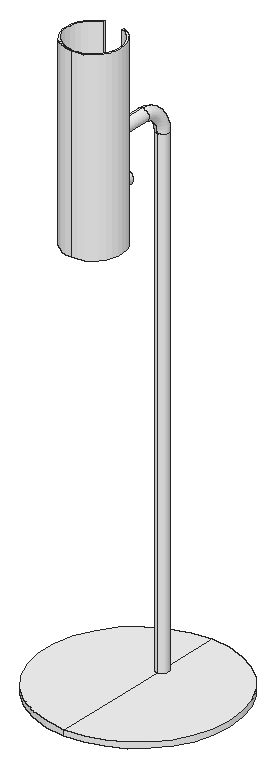
Revit family "Lighting_Desk&Table_Nordlux_MIB-6", category Lighting Fixtures, Revit 2017
Family settings
  Round Connector Dimension = Use Diameter
  Part Type = Normal
  OmniClass Number = 23.80.70.00
  OmniClass Title = Lighting
  Work Plane-Based = No
  Always vertical = Yes
  Cut with Voids When Loaded = No
  Light Source = Yes
  Shared = No
  Room Calculation Point = No
Parameters (values of type "MIB 6 Table - White")
  Wattage = 2.28892 W
  WarrantyStartDate [instance] = "n/a"
  WarrantyGuarantorParts = "n/a"
  WarrantyGuarantorLabor = "n/a"
  WarrantyDurationUnit = "Year"
  WarrantyDurationParts = "n/a"
  WarrantyDurationLabor = "n/a"
  WarrantyDescription = "n/a"
  built-in parameter 1150110 = 1 (stored number, unit not read)
  VersionDate = "15/08/2019"  # constant formula
  Version = "1"  # constant formula
  UsageCurrent = 0 A
  Uniclass2015Reference = "Pr_70_70_48_32"
  Uniclass2015Description = "Free standing luminaires"
  Uniclass2 = "Pr_70_70_49"
  URL = "https://www.nordlux.com/products/product/71655001"
  TotalWattage = 8 W
  built-in parameter 1114217 = 1 (stored number, unit not read)
  Tilt Angle = 90.00°
  built-in parameter 1150109 = 1 (stored number, unit not read)
  built-in parameter 1150134 = (empty or 0)
  TagNumber [instance] = "n/a"
  SustainabilityPerformance = "n/a"
  built-in parameter 1150113 = 1 (stored number, unit not read)
  Size = "200x200x660 mm"
  Shape = "Sculptured"
  SerialNumber [instance] = "n/a"
  Revision = "n/a"
  ReplacementCost = "n/a"
  ProductInformation = "The MIB collection is based on classical virtues of design, with an emphasis on simplicity. The adjustable lamp head provides a sleek and Nordic design look. MIB is available in several variations, and as a collection offers a great variety of applications. An indestructible lighting collection that spreads light and joy in any modern home. Design by Bønnelycke MDD. The minimalist MIB series is steeped in Nordic elegance and boasts excellent usability. MIB 6 invites you to put the spotlight on life. The narrow lamp head emits a precise and narrow directional light."
  Product data url = "https://www.bimobject.com/nordlux/product/mib_6_gu10_table"
  Photometric Web File = "7165 Mib 6 Bord.ies"
  PhaseReference = "n/a"
  PhaseAngle = 0.00°
  NumberOfSources = 0
  NumberOfPoles = 1
  NominalVoltageCalc = 230 V
  NominalVoltage = 230 V
  NominalRadius = 100 mm
  NominalLength = 200 mm
  NominalHeight = 660 mm
  NominalFrequencyRange = 50 Hz
  NominalDiameter = 200 mm
  NominalDepth = 200 mm
  NominalCurrent = 0 A
  Name = "Nordlux_MIB-6"
  NBSReference = "90-60-50/405"
  NBSDescription = "General purpose luminaires"
  ModelReference = "n/a"
  ModelNumber = "71655001"
  Model = "MIB 6 Table - White"
  Material = "Metal"
  ManufacturersSpecificInformation = "n/a"
  ManufacturerURL = "https://www.nordlux.com/"
  ManufacturerName = "Nordlux"
  Manufacturer = "Nordlux"
  MaintenanceFactor = 0
  Lumens = 340 lm
  built-in parameter 1150115 = 1 (stored number, unit not read)
  built-in parameter 1150105 = 259.89 (stored number, unit not read)
  LightFixturePlacingType = "Surface"
  LightFixtureMountingType = "Free-standing"
  LightFixtureMainMaterial = White
  built-in parameter 1150137 = (empty or 0)
  built-in parameter 1150139 = (empty or 0)
  LensMaterial = Glass
  built-in parameter 1150112 = 1 (stored number, unit not read)
  built-in parameter 1150114 = 1 (stored number, unit not read)
  InsulationStandardClass = "Class 2 (Double isolated)"
  InstallationDate [instance] = "n/a"
  built-in parameter 1150132 = 2
  built-in parameter 1150102 = (empty or 0)
  built-in parameter 1150138 = (empty or 0)
  built-in parameter 1150107 = 3000 (stored number, unit not read)
  built-in parameter 1150106 = 2.5989 (stored number, unit not read)
  IfcExportType = "NOTDEFINED"  # constant formula
  IfcExportAs = "IfcLightFixtureType"  # constant formula
  IP_Code = "IP20"
  HasProtectiveEarth = no
  Grade = "n/a"
  Finish = "n/a"
  Features = "White textile cable, 250 cm length, cannot be replaced"
  ExpectedLife = "n/a"
  Emit from Circle Diameter = 609.6 mm
  Emit Shape Visible in Rendering = no
  ElectricalDeviceNominalPower = 8
  built-in parameter 1150104 = 13.8 (stored number, unit not read)
  EAN Number = "5701581364080"
  DurationUnit = "Hour"
  Dimming Lamp Color Temperature Shift = <None>
  Designer = "Bønnelycke MDD"
  Description = "The MIB collection is based on classical virtues of design, with an emphasis on simplicity. The adjustable lamp head provides a sleek and Nordic design look. MIB is available in several variations, and as a collection offers a great variety of applications. An indestructible lighting collection that spreads light and joy in any modern home. Design by Bønnelycke MDD. The minimalist MIB series is steeped in Nordic elegance and boasts excellent usability. MIB 6 invites you to put the spotlight on life. The narrow lamp head emits a precise and narrow directional light."
  DefaultElevation = 0 mm
  ConvergoRefNr = "0143-1909-0026-DK"
  Constituents = "n/a"
  Color Filter = 16777215
  Color = "White"
  CodePerformance = "n/a"
  Category = "Table lighting"
  Brand = "Nordlux"
  Barcode [instance] = "n/a"
  built-in parameter 1114218 = 1 (stored number, unit not read)
  BIMObjectName = "Lighting_Desk&Table_Nordlux_MIB-6"
  Author = "Convergo AB"  # constant formula
  built-in parameter 1150133 = 10 (stored number, unit not read)
  AssetType = "Fixed"
  AssetIdentifier [instance] = "n/a"
  ArticleNumber = "71655001"
  AccessibilityPerformance = "n/a"
Types (3, lengths in mm): name | URL | ModelNumber | Model | LightFixtureMainMaterial | Features | EAN Number | Color | ArticleNumber
  (no name) | "https://www.nordlux.com/products/product/71655001" | "71655001" | "MIB 6 Table - White" | White | "White textile cable, 250 cm length, cannot be replaced" | "5701581364080" | "White" | "71655001"
  MIB 6 Table - Black | "https://www.nordlux.com/products/product/71655003" | "71655003" | "MIB 6 Table - Black" | Black | "Black textile cable, 250 cm length, cannot be replaced" | "5701581364189" | "Black" | "71655003"
  MIB 6 Table - White | "https://www.nordlux.com/products/product/71655001" | "71655001" | "MIB 6 Table - White" | White | "White textile cable, 250 cm length, cannot be replaced" | "5701581364080" | "White" | "71655001"
Reference planes
  plane 1 "Light Source Axis (F/B)": y = 0
  plane 2: z = 0
  plane 3 "Light Source Axis (L/R)": x = 0
  plane 4 "Light Source Elevation": z = 490
  plane 5: z = 660
  plane 6: x = 100
  plane 7: x = -100
  plane 8: y = 100
  plane 9: y = -100
Dimensions and locks
  "NominalHeight": plane 5 to plane 2
  equal spacing: plane 7, plane 3 "Light Source Axis (L/R)", plane 6
  "NominalLength": plane 7 to plane 6
  equal spacing: plane 9, plane 1 "Light Source Axis (F/B)", plane 8
  "NominalDepth": plane 9 to plane 8
  aligned and locked: plane 3 "Light Source Axis (L/R)" to imposter light
  aligned and locked: plane 4 "Light Source Elevation" to imposter light
  aligned and locked: level to plane 2
Nested families
  nested 1: "MIB 6" at (0, 0, 0), BodyMaterial <- "LightFixtureMainMaterial", type "MIB 6"
    with BodyMaterial White
Connectors
  electrical at (0, 0, 0), driven by "NominalVoltage"
    settings: on nested 1, index 1, voltage 230 V, apparent load 0 VA, apparent load phase1 0 VA, apparent load phase2 0 VA, apparent load phase3 0 VA, power factor 1, load classification "Other", number of poles 1, system type 31, power factor state 1, is connector primary yes, connector utility no, sub classification motor no, connector description ""
Definition of nested family "MIB 6"
  Parameters (values of type "MIB 6")
    BodyMaterial [instance] = none
  Reference planes
    plane 1 "Center (Front/Back)": y = 0
    plane 2: z = 0
    plane 3 "Center (Left/Right)": x = 0
    plane 4: z = 660
    plane 5: x = 100
    plane 6: x = -100
    plane 7: y = -100
    plane 8: y = 100
  Forms (mm)
    Revolve 1, solid, material <- "BodyMaterial", detail levels medium+fine
      sketch origin (0, 0, 0) x (0, 1, 0) y (0, 0, 1)
        loop
          line (100, 6) -> (0, 6) -> (0, 0) -> (100, 0) -> (100, 6)
        axis (0, 6) -> (0, 0)
      angle from 0 to 360
    Sweep 2, solid, material <- "BodyMaterial", detail levels medium+fine
      path origin (0, 0, 0) x (0, 1, 0) y (0, 0, 1)
        loop
          line (-65.434, 556.002) -> (6.459, 556.002)
          arc (6.459, 556.002) -> (25.198, 548.24) -> (32.959, 529.502) r 26.5
          line (32.959, 529.502) -> (32.959, 6)
      profile origin (0, 32.959, 267.751) x (1, 0, 0) y (0, 1, 0)
        loop
          circle (0, 0) r 6.5
    Extrusion 3, solid, material <- "BodyMaterial", detail levels medium+fine
      sketch origin (0, 0, 0) x (1, 0, 0) y (0, 1, 0)
        loop
          arc (-6.548, -30.842) -> (-29.811, -63.386) -> (0, -90.061) r 29.969
          arc (0, -90.061) -> (29.811, -63.386) -> (6.548, -30.842) r 29.969
          arc (6.548, -30.842) -> (0, -30.121) -> (-6.548, -30.842) r 30.077
        loop
          arc (-6.548, -32.689) -> (-27.999, -63.388) -> (0, -88.261) r 28.169
          arc (0, -88.261) -> (27.999, -63.388) -> (6.548, -32.689) r 28.169
          arc (6.548, -32.689) -> (0, -31.921) -> (-6.548, -32.689) r 28.271
      from 460.309 to 660.309
    Extrusion 4, void
      sketch origin (0, 0, 0) x (1, 0, 0) y (0, 0, 1)
        loop
          line (-10, 675) -> (-10, 558.33)
          arc (-10, 558.33) -> (0, 548.33) -> (10, 558.33) r 10
          line (10, 558.33) -> (10, 675) -> (-10, 675)
      from 0 to 62.369
    Revolve 5, solid, material <- "BodyMaterial", detail levels medium+fine
      sketch origin (0, 0, 0) x (0, 1, 0) y (0, 0, 1)
        loop
          line (-14.614, 504.915) -> (-14.614, 511.414) -> (-31.61, 511.414) -> (-31.61, 504.915) -> (-14.614, 504.915)
        axis (-14.614, 504.915) -> (-31.61, 504.915)
      angle from 0 to 360
    Revolve 6, solid, detail levels medium+fine
      sketch origin (0, 0, 0) x (0, 1, 0) y (0, 0, 1)
        loop
          line (-60.127, 470.113) -> (-31.883, 470.113) -> (-31.883, 472.613) -> (-60.127, 472.613) -> (-60.127, 470.113)
        axis (-60.127, 472.613) -> (-60.127, 470.113)
      angle from 0 to 360
    Extrusion 7, solid, material <- "BodyMaterial", detail levels coarse
      sketch origin (0, 0, 0) x (1, 0, 0) y (0, 1, 0)
        loop
          line (-100, 100) -> (-100, -100) -> (100, -100) -> (100, 100) -> (-100, 100)
      from 0 to 660
  Cuts and joins
    Extrusion 4 cuts Extrusion 3
    joined: Extrusion 3, Revolve 5
  Lines and regions (mm)
    symbolic lines
      curve 1: line (0, -90.123, 460.309) -> (0, -35.269, 460.309)
    symbolic lines, detail levels medium+fine
      curve 2: line (-30.002, 0, 460.309) -> (-6.52, 0, 460.309)
      curve 4: line (-100, 0, 0) -> (0, 0, 0)
      curve 5: line (-100, 0, 6) -> (-100, 0, 0)
      curve 6: line (-30.002, 0, 460.309) -> (-30.002, 0, 660)
      curve 7: line (-30.002, 0, 660) -> (0, 0, 660)
      curve 8: line (-6.52, 0, 460.309) -> (-6.52, 0, 6)
      curve 10: line (-6.52, 0, 6) -> (-100, 0, 6)
      curve 11: line (30.002, 0, 460.309) -> (6.52, 0, 460.309)
      curve 13: line (100, 0, 0) -> (0, 0, 0)
      curve 14: line (100, 0, 6) -> (100, 0, 0)
      curve 15: line (30.002, 0, 460.309) -> (30.002, 0, 660)
      curve 16: line (30.002, 0, 660) -> (0, 0, 660)
      curve 17: line (6.52, 0, 460.309) -> (6.52, 0, 6)
      curve 19: line (6.52, 0, 6) -> (100, 0, 6)
      curve 20: line (0, -90.123, 460.309) -> (0, -30.125, 460.309)
      curve 21: line (0, -31.94, 660) -> (0, -90.123, 660)
      curve 22: line (0, -30.125, 460.309) -> (0, -30.125, 498.415)
      curve 23: line (0, -31.94, 660) -> (0, -31.94, 562.502)
      curve 24: line (0, -90.123, 460.309) -> (0, -90.123, 660)
      curve 26: line (0, -14.614, 498.415) -> (0, -14.614, 511.414)
      curve 28: line (0, -14.614, 511.414) -> (0, -30.125, 511.414)
      curve 29: line (0, -14.614, 498.415) -> (0, -30.125, 498.415)
      curve 31: line (0, -30.125, 548.208) -> (0, -30.125, 511.414)
      curve 32: line (0, 100, 6) -> (0, 39.459, 6)
      curve 33: line (0, 100, 0) -> (0, 100, 6)
      curve 34: line (0, -100, 0) -> (0, 100, 0)
      curve 35: line (0, -100, 6) -> (0, -100, 0)
      curve 36: line (0, 26.459, 6) -> (0, 26.459, 529.502)
      curve 37: line (0, 6.459, 549.502) -> (0, -30.571, 549.502)
      curve 38: arc (0, 26.459, 529.502) -> (0, 20.601, 543.644) -> (0, 6.459, 549.502) r 20
      curve 39: line (0, 39.459, 6) -> (0, 39.459, 21.82)
      curve 40: arc (0, 39.459, 529.502) -> (0, 29.794, 552.836) -> (0, 6.459, 562.502) r 33
      curve 41: line (0, 6.459, 562.502) -> (0, -31.94, 562.502)
      curve 42: line (0, 37.66, 26.001) -> (0, 37.66, 58.001)
      curve 43: arc (0, 37.66, 58.001) -> (0, 38.129, 60.276) -> (0, 39.459, 62.181) r 5.755
      curve 44: arc (0, 37.66, 26.001) -> (0, 38.129, 23.725) -> (0, 39.459, 21.82) r 5.755
      curve 45: line (0, 39.459, 62.181) -> (0, 39.459, 529.502)
      curve 47: line (0, 26.459, 6) -> (0, -100, 6)
      curve 49: arc (0, -30.571, 549.502) -> (0, -30.356, 548.852) -> (0, -30.125, 548.208) r 29.027
      curve 50: circle (0, 0, 0) r 100 normal (0, 0, 1)
    symbolic lines, detail levels fine
      curve 3: line (0, 0, 6) -> (-6.52, 0, 6)
      curve 9: line (-6.52, 0, 460.309) -> (0, 0, 460.309)
      curve 12: line (0, 0, 6) -> (6.52, 0, 6)
      curve 18: line (6.52, 0, 460.309) -> (0, 0, 460.309)
      curve 25: arc (0, -31.94, 558.309) -> (0, -31.595, 553.853) -> (0, -30.571, 549.502) r 29.027
      curve 27: line (0, -24.614, 511.414) -> (0, -24.614, 498.415)
      curve 30: arc (0, -30.125, 511.414) -> (0, -30.858, 504.915) -> (0, -30.125, 498.415) r 29.202
      curve 46: line (0, 39.459, 6) -> (0, 26.459, 6)
      curve 48: line (0, -31.94, 562.502) -> (0, -31.94, 558.309)
      curve 51: line (-6.548, -65.434, 0) -> (-6.548, 33.043, 0)
      curve 52: line (-6.548, -65.434, 0) -> (0, -65.434, 0)
      curve 53: arc (-6.548, -30.842, 0) -> (-29.811, -63.386, 0) -> (0, -90.061, 0) r 29.969
      curve 54: arc (-6.548, 33.043, 0) -> (-4.627, 37.655, 0) -> (0, 39.54, 0) r 6.497
      curve 55: line (6.548, -65.434, 0) -> (6.548, 33.043, 0)
      curve 56: line (6.548, -65.434, 0) -> (0, -65.434, 0)
      curve 57: arc (6.548, -30.842, 0) -> (29.811, -63.386, 0) -> (0, -90.061, 0) r 29.969
      curve 58: arc (6.548, 33.043, 0) -> (4.627, 37.655, 0) -> (0, 39.54, 0) r 6.497
      curve 59: arc (-6.548, -32.689, 0) -> (-27.999, -63.388, 0) -> (0, -88.261, 0) r 28.169
      curve 60: arc (6.548, -32.689, 0) -> (27.999, -63.388, 0) -> (0, -88.261, 0) r 28.169
  Dimensions and locks
    aligned and locked: level to plane 2
